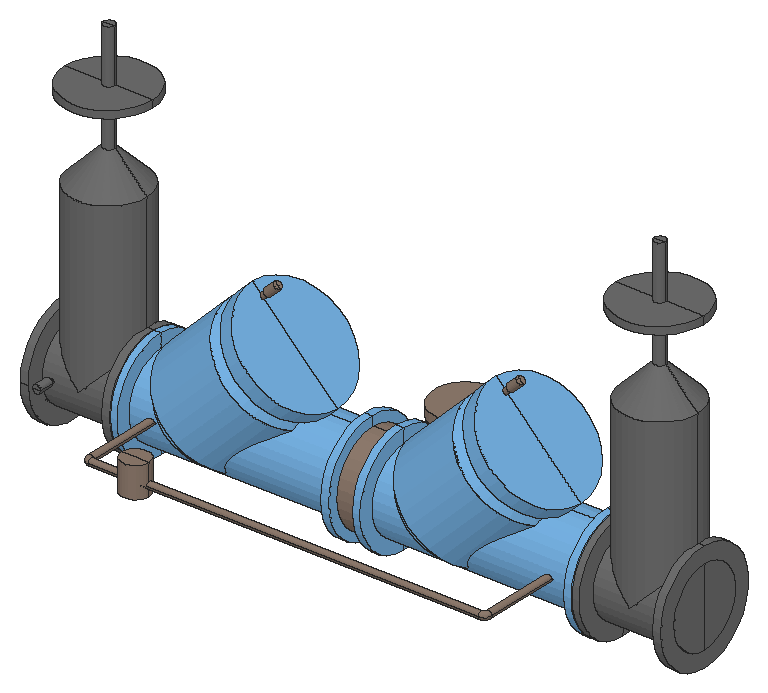
Revit family "Reduced_Pressure_Detector_Assemblies-Backflow_Prevention-WATTS-250-1000_909RPDA-OSY_Series", category Pipe Accessories, Revit 2015
Parameters (values of type "10" 909RPDA-OSY-M1")
  URL = "http://www.watts.com"
  TC_Nipple_Rad = 0.420"
  TC_Nipple_Length = 1.000"
  TC_Dist = 16.000"
  TC_Body_Rad = 0.580"
  TC_Body_Length = 2.060"
  TC_1_Dist = 2.500"
  TC1_CL_Dist = 5.000"
  Region = "North America"  # constant formula
  RV_WP = Check_OAL + RV_Thk / 2  # 33.750"
  RV_Thk = 3.500"
  RV_Main_Body_Rad = 1.750"
  RV_Drain_High_Dist = 1.630"
  RV_Drain_Hieght_Low = 5.800"
  RV_Drain_Hieght_High = 8.000"
  RV_Drain_Low_Dist = 3.870"
  RV_Donut_Rad = 6.625"
  RV_Dist = 15.250"
  RV_Cover_Thk = 1.460"
  RV_Cover_Rad = 4.935"
  RV_Connect_Start = 1.310"
  RV_Connect_Hieght = 2.500"
  RV_Connect_End = -1.310"
  RV_CL_Top = 3.560"
  RV_CL_Btm = 8.000"
  RV_Body_Cover_Rad = 4.140"
  RV_Body_Cover_Ang = 30.00°
  Product data url = "https://bimobject.com/watts/product/893"
  Product Page URL = "http://www.watts.com/pages/_products_details.asp?pid=893"
  Product Documentation Link = "http://media.wattswater.com/ES-909RPDA.pdf"
  Ordering Code = "CFM Meter : 0385629 / GPM Meter : 0385630"
  Model = "909RPDA-OSY-M1"
  Max. Working Pressure = " 175psi (12.1 bar)"  # constant formula
  Material = "Cast Iron-WATTS-Epoxy Coated"  # constant formula
  Manufacturer Product Line = "Backflow Prevention"  # constant formula
  Manufacturer = "WATTS"
  Installation Instructions = "http://www.watts.com/pdf/1915172.pdf"
  Height = 45.750"
  GV_Stem_Rad = 0.840"
  GV_Stem_Length = 8.000"
  GV_Stem_Dist = GV_OAL / 2  # 6.5315"
  GV_OSY_Stem_Hieght = 11.300"
  GV_OAL = 13.063"
  GV_Outlet_Flange_Ext_Dist = -1.180"
  GV_Handle_Thk = 1.060"
  GV_Handle_Rad = 8.030"
  GV_Handle_Hieght = 38.000"
  GV_Flow_Rad = 5.600"
  GV_Flange_Thk = 1.180"
  GV_Flange_Rad = 8.000"
  GV_Bonnet_Hieght = 25.000"
  Flow Rate = "7.5 fps / 2.3 mps"
  Description = "Series 909RPDA Reduced Pressure Detector Assemblies prevent the reverse flow of fire protection system substances from being pumped or siphoned into the potable water supply. The 909RPDA incorporates a meter to detect ground leaks and unauthorized illegal taps, greatly reducing annual water expenses. It consists of an epoxy-coated cast iron body with stainless steel trim, bronze gate valves, a pressure-differential relief valve, shutoff valves, and bronze ball-type test cocks. Series 909RPDA provides maximum flow at low pressure drop utilizing the air-in/water-out design principle for protection during emergency combined backsiphonage and backpressure conditions. Maximum Working Pressure: 175psi (12.06 bar)."  # constant formula
  Country = "United States"  # constant formula
  Connector Description 2 = "10\" Outlet Connection"
  Connector Description 1 = "10\" Inlet Connection"
  Connection_Rad = 5"
  Connection Type = "10\" Flange"
  Connection Size = Connection_Rad * 2  # 10.000"
  Chk_Main_Rad = 8.750"
  Chk_Main_OAL = 18.800"
  Chk_Inlet_Rad = 7.180"
  Chk_Flow_Rad = 5.940"
  Chk_Flange_Thk = 1.120"
  Chk_Flange_Rad = 8.000"
  Chk_Fillet_Rad = 0.380"
  Chk_Cover_Rad = 8.750"
  Chk_Cover_Thk = 2.310"
  Chk_CL_Base = 2.060"
  Chk_Body_Cover_Rad = 7.190"
  Chk_Body_Cover_Dist = 0.520"
  Chk_Angle_Dist = 7.440"
  Chk_Angle = 45.00°
  Check_OAL = 32.000"
  BP_WM_Top = 2.920"
  BP_WM_Rad = 2.000"
  BP_WM_Dist = BP_InFlg_Start + 7.000"  # 11.300"
  BP_WM_Btm = 1.520"
  BP_Sweep_Rad = 0.560"
  BP_Rad = 0.500"
  BP_Length = 58.130"
  BP_InFlg_Start = 4.300"
  BP_CL_Bypass = 17.430"
Types (7): name | TC_Nipple_Length | TC_Dist | TC_1_Dist | TC1_CL_Dist | RV_WP | RV_Thk | RV_Main_Body_Rad | RV_Drain_High_Dist | RV_Drain_Hieght_Low | RV_Drain_Hieght_High | RV_Drain_Low_Dist | RV_Donut_Rad | RV_Dist | RV_Cover_Thk | RV_Cover_Rad | RV_Connect_Start | RV_Connect_Hieght | RV_Connect_End | RV_CL_Top | RV_CL_Btm | RV_Body_Cover_Rad | Ordering Code | Model | Height | GV_Stem_Rad | GV_Stem_Length | GV_Stem_Dist | GV_OSY_Stem_Hieght | GV_OAL | GV_Outlet_Flange_Ext_Dist | GV_Handle_Thk | GV_Handle_Rad | GV_Handle_Hieght | GV_Flow_Rad | GV_Flange_Thk | GV_Flange_Rad | GV_Bonnet_Hieght | Connector Description 2 | Connector Description 1 | Connection_Rad | Connection Type | Connection Size | Chk_Main_Rad | Chk_Main_OAL | Chk_Inlet_Rad | Chk_Flow_Rad | Chk_Flange_Thk | Chk_Flange_Rad | Chk_Cover_Rad | Chk_Cover_Thk | Chk_CL_Base | Chk_Body_Cover_Rad | Chk_Body_Cover_Dist | Chk_Angle_Dist | Check_OAL | BP_WM_Rad | BP_WM_Dist | BP_Sweep_Rad | BP_Rad | BP_Length | BP_InFlg_Start | BP_CL_Bypass
  (no name) | 1.140" | 7.250" | 1.500" | 1.060" | 13.0625" | 2.125" | 1.260" | 1.070" | 3.660" | 6.000" | 2.320" | 2.630" | 5.310" | 1.120" | 3.500" | 0.890" | 1.400" | -0.890" | 4.370" | 3.900" | 2.690" | "CFM Meter : 0387453 / GPM Meter : 0387454" | "909RPDA-OSY" | 16.375" | 0.440" | 7.000" | 4.000" | 2.820" | 8.000" | -0.570" | 0.750" | 3.125" | 13.750" | 1.600" | 0.570" | 3.500" | 8.000" | "2-1/2\" Outlet Connection" | "2-1/2\" Inlet Connection" | 1 1/4" | "2-1/2\" Flange" | 2.500" | 3.110" | 6.900" | 2.540" | 1.980" | 0.750" | 3.750" | 3.000" | 1.530" | 1.080" | 2.625" | 0.410" | 3.750" | 12.000" | 1.975" | 9.180" | 0.620" | 0.525" | 21.330" | 2.180" | 12.930"
  2-1/2" 909RPDA-OSY | 1.140" | 7.250" | 1.500" | 1.060" | 13.0625" | 2.125" | 1.260" | 1.070" | 3.660" | 6.000" | 2.320" | 2.630" | 5.310" | 1.120" | 3.500" | 0.890" | 1.400" | -0.890" | 4.370" | 3.900" | 2.690" | "CFM Meter : 0387453 / GPM Meter : 0387454" | "909RPDA-OSY" | 16.375" | 0.440" | 7.000" | 4.000" | 2.820" | 8.000" | -0.570" | 0.750" | 3.125" | 13.750" | 1.600" | 0.570" | 3.500" | 8.000" | "2-1/2\" Outlet Connection" | "2-1/2\" Inlet Connection" | 1 1/4" | "2-1/2\" Flange" | 2.500" | 3.110" | 6.900" | 2.540" | 1.980" | 0.750" | 3.750" | 3.000" | 1.530" | 1.080" | 2.625" | 0.410" | 3.750" | 12.000" | 1.975" | 9.180" | 0.620" | 0.525" | 21.330" | 2.180" | 12.930"
  3" 909RPDA-OSY | 1.140" | 7.000" | 1.500" | 1.060" | 13.0625" | 2.125" | 1.260" | 1.070" | 3.660" | 6.000" | 2.320" | 2.630" | 5.310" | 1.120" | 3.500" | 0.890" | 1.400" | -0.890" | 4.370" | 3.900" | 2.690" | "CFM Meter : 0387456 / GPM Meter : 0387480" | "909RPDA-OSY" | 18.875" | 0.550" | 7.000" | 4.000" | 3.200" | 8.000" | -0.550" | 0.750" | 3.940" | 15.500" | 1.850" | 0.550" | 3.740" | 10.000" | "3\" Outlet Connection" | "3\" Inlet Connection" | 1 1/2" | "3\" Flange" | 3.000" | 3.110" | 6.900" | 2.540" | 1.980" | 0.750" | 3.750" | 3.000" | 1.530" | 1.080" | 2.625" | 0.410" | 3.750" | 12.000" | 2.000" | 9.180" | 0.560" | 0.500" | 21.330" | 2.180" | 12.930"
  4" 909RPDA-OSY | 1.000" | 9.280" | 2.000" | 1.060" | 18.500" | 3.000" | 1.750" | 1.630" | 5.800" | 8.000" | 3.870" | 3.375" | 8.620" | 1.460" | 4.935" | 1.310" | 2.500" | -1.310" | 5.550" | 6.010" | 4.140" | "CFM Meter : 0387461 / GPM Meter : 0387486" | "909RPDA-OSY" | 22.750" | 0.550" | 8.000" | 4.5315" | 4.750" | 9.063" | -0.940" | 0.870" | 4.940" | 18.000" | 2.560" | 0.940" | 4.500" | 11.000" | "4\" Outlet Connection" | "4\" Inlet Connection" | 2" | "4\" Flange" | 4.000" | 3.750" | 9.260" | 3.130" | 2.630" | 0.940" | 4.500" | 4.340" | 1.530" | 1.560" | 3.260" | 0.620" | 4.500" | 17.000" | 2.000" | 9.810" | 0.560" | 0.500" | 31.260" | 2.810" | 13.430"
  6" 909RPDA-OSY | 1.000" | 10.500" | 2.000" | 3.000" | 22.500" | 3.500" | 1.750" | 1.630" | 5.800" | 8.000" | 3.870" | 4.500" | 8.620" | 1.460" | 4.935" | 1.310" | 2.500" | -1.310" | 5.550" | 6.010" | 4.140" | "CFM Meter : 0387466 / GPM Meter : 0387491" | "909RPDA-OSY" | 30.125" | 0.625" | 8.000" | 5.250" | 6.750" | 10.500" | -1.000" | 0.870" | 5.940" | 23.380" | 3.580" | 1.000" | 5.500" | 14.000" | "6\" Outlet Connection" | "6\" Inlet Connection" | 3" | "6\" Flange" | 6.000" | 5.250" | 10.860" | 4.440" | 3.750" | 1.000" | 5.500" | 5.880" | 1.740" | 0.760" | 4.625" | 0.620" | 5.500" | 20.750" | 2.000" | 10.010" | 0.560" | 0.500" | 38.360" | 3.010" | 14.430"
  8" 909RPDA-OSY-M1 | 1.000" | 14.000" | 2.500" | 4.000" | 27.625" | 3.250" | 1.750" | 1.630" | 5.800" | 8.000" | 3.870" | 5.440" | 13.500" | 1.460" | 4.935" | 1.310" | 2.500" | -1.310" | 3.560" | 8.000" | 4.140" | "CFM Meter : 0385610 / GPM Meter : 0385612" | "909RPDA-OSY-M1" | 37.750" | 0.660" | 8.000" | 5.8125" | 8.500" | 11.625" | -1.180" | 1.060" | 6.790" | 30.500" | 4.530" | 1.180" | 6.750" | 20.000" | "8\" Outlet Connection" | "8\" Inlet Connection" | 4" | "8\" Flange" | 8.000" | 6.625" | 15.560" | 5.940" | 4.810" | 1.100" | 6.750" | 7.310" | 2.180" | 1.265" | 6.125" | 0.680" | 6.380" | 26.000" | 2.000" | 11.180" | 0.560" | 0.500" | 46.500" | 4.180" | 15.930"
  10" 909RPDA-OSY-M1 | 1.000" | 16.000" | 2.500" | 5.000" | 33.750" | 3.500" | 1.750" | 1.630" | 5.800" | 8.000" | 3.870" | 6.625" | 15.250" | 1.460" | 4.935" | 1.310" | 2.500" | -1.310" | 3.560" | 8.000" | 4.140" | "CFM Meter : 0385629 / GPM Meter : 0385630" | "909RPDA-OSY-M1" | 45.750" | 0.840" | 8.000" | 6.5315" | 11.300" | 13.063" | -1.180" | 1.060" | 8.030" | 38.000" | 5.600" | 1.180" | 8.000" | 25.000" | "10\" Outlet Connection" | "10\" Inlet Connection" | 5" | "10\" Flange" | 10.000" | 8.750" | 18.800" | 7.180" | 5.940" | 1.120" | 8.000" | 8.750" | 2.310" | 2.060" | 7.190" | 0.520" | 7.440" | 32.000" | 2.000" | 11.300" | 0.560" | 0.500" | 58.130" | 4.300" | 17.430"
Reference planes (in)
  plane 1 "Center (Front/Back)": y = 0
  plane 2: z = 0
  plane 3 "Center (Left/Right)": x = 0
  plane 4 "1st_Check_In_Flange": x = 13.063
  plane 5 "1st_Check_Out_Flange": x = 45.063
  plane 6 "2nd_Check_In_Flange": x = 48.563
  plane 7 "2nd_Check_Out_Flange": x = 80.563
  plane 8: y = 15.25
  plane 9 "RV_WP": x = 46.813
  plane 10 "RV_Drain_WP": z = -8
  plane 11 "Out_Gate_WP": x = 93.626
  plane 12 "GV_Handle_Hieght": z = 38
  plane 13 "BP_WP": y = -17.43
  plane 14: x = 17.363
  plane 15: x = 75.493
  plane 16: z = 45.75
  plane 17: x = 0
  plane 18: x = 10.53125
  plane 19: x = 21.0625
  plane 20: x = 31.59375
  plane 21: x = 42.125
  plane 22: y = 1.93187
  plane 23: y = -1.93187
Forms (in)
  Revolve 1, solid, material "Cast Iron-WATTS-Epoxy Coated-Blue"
    sketch origin (0, 0, 0) x (1, 0, 0) y (0, 0, 1)
      loop
        line (13.063, -8) -> (14.183, -8) -> (14.183, -5.94) -> (43.943, -5.94) -> (43.943, -8) -> (45.063, -8) -> (45.063, 0) -> (13.063, 0) -> (13.063, -8)
      axis (13.063, 0) -> (45.063, 0)
    angle from 0 to 360
  Revolve 2, solid, material "Cast Iron-WATTS-Epoxy Coated-Blue"
    sketch origin (0, 0, 0) x (1, 0, 0) y (0, 0, 1)
      loop
        line (20.503, 0) -> (33.79661, 13.29361) -> (27.60942, 19.48079) -> (25.97601, 17.84738) -> (27.07909, 16.74429) -> (26.7114, 16.37659) -> (24.50522, 16.37659) -> (15.77246, 7.64382) -> (16.88261, 6.53367) -> (15.42597, 5.07703) -> (20.503, 0)
      axis (33.79661, 13.29361) -> (20.503, 0)
    angle from 0 to 360
  Revolve 3, solid, material "Cast Iron-WATTS-Epoxy Coated-Blue"
    sketch origin (0, 0, 0) x (1, 0, 0) y (0, 0, 1)
      loop
        line (48.563, 0) -> (48.563, -8) -> (49.683, -8) -> (49.683, -5.94) -> (79.443, -5.94) -> (79.443, -8) -> (80.563, -8) -> (80.563, 0) -> (48.563, 0)
      axis (48.563, 0) -> (80.563, 0)
    angle from 0 to 360
  Revolve 4, solid, material "Cast Iron-WATTS-Epoxy Coated-Blue"
    sketch origin (0, 0, 0) x (1, 0, 0) y (0, 0, 1)
      loop
        line (56.003, 0) -> (69.29661, 13.29361) -> (63.10942, 19.48079) -> (61.47601, 17.84738) -> (62.57909, 16.74429) -> (62.2114, 16.37659) -> (60.00522, 16.37659) -> (51.27246, 7.64382) -> (52.38261, 6.53367) -> (50.92597, 5.07703) -> (56.003, 0)
      axis (69.29661, 13.29361) -> (56.003, 0)
    angle from 0 to 360
  Revolve 5, solid, material "Metal-WATTS-Bronze"
    sketch origin (0, 0, 0) x (1, 0, 0) y (0, 0, 1)
      loop
        line (29.063, 18.02721) -> (31.22675, 20.19096) -> (30.81662, 20.60108) -> (29.35998, 19.14444) -> (29.47312, 19.03131) -> (28.76602, 18.3242) -> (29.063, 18.02721)
      axis (31.22675, 20.19096) -> (29.063, 18.02721)
    angle from 0 to 360
  Revolve 6, solid, material "Metal-WATTS-Bronze"
    sketch origin (0, 0, 0) x (1, 0, 0) y (0, 0, 1)
      loop
        line (64.563, 18.02721) -> (66.72675, 20.19096) -> (66.31662, 20.60108) -> (64.85998, 19.14444) -> (64.97312, 19.03131) -> (64.26602, 18.3242) -> (64.563, 18.02721)
      axis (66.72675, 20.19096) -> (64.563, 18.02721)
    angle from 0 to 360
  Revolve 7, solid, material "Metal-WATTS-Bronze"
    sketch origin (0, 0, 0) x (1, 0, 0) y (0, 0, 1)
      loop
        line (45.063, 0) -> (48.563, 0) -> (48.563, 6.625) -> (45.063, 6.625) -> (45.063, 0)
      axis (45.063, 0) -> (48.563, 0)
    angle from 0 to 360
  Revolve 8, solid, material "Metal-WATTS-Bronze"
    sketch origin (46.813, 0, 0) x (0, 0, 1) y (0, -1, 0)
      loop
        line (3.56, -15.25) -> (-8, -15.25) -> (-8, -17) -> (0.72013, -17) -> (2.1, -19.39) -> (2.1, -20.185) -> (3.56, -20.185) -> (3.56, -15.25)
      axis (3.56, -15.25) -> (-8, -15.25)
    angle from 0 to 360
  Extrusion 9, solid, material "Metal-WATTS-Bronze"
    sketch origin (46.813, 0, 0) x (0, 0, 1) y (0, -1, 0)
      loop
        line (0.72013, -15.25) -> (0.72013, 0) -> (-1.77987, 0) -> (-1.77987, -15.25) -> (0.72013, -15.25)
      loop
        line (-6.625, 0) -> (-6.625, -15.25) -> (-4.125, -15.25) -> (-4.125, 0) -> (-6.625, 0)
    from 1.31 <- "RV_Connect_Start" to -1.31 <- "RV_Connect_End"
  Extrusion 10, solid, material "Metal-WATTS-Bronze"
    sketch origin (0, 0, -8) x (-1, 0, 0) y (0, -1, 0)
      loop
        line (-48.563, -15.25) -> (-48.563, -19.12)
        arc (-48.563, -19.12) -> (-46.813, -20.87) -> (-45.063, -19.12) r 1.75
        line (-45.063, -19.12) -> (-45.063, -15.25)
        arc (-45.063, -15.25) -> (-46.813, -13.5) -> (-48.563, -15.25) r 1.75
    from 0 to 5.8 <- "RV_Drain_Hieght_Low"
  Extrusion 11, solid, material "Metal-WATTS-Bronze"
    sketch origin (0, 0, -8) x (-1, 0, 0) y (0, -1, 0)
      loop
        line (-48.563, -15.25) -> (-48.563, -16.88)
        arc (-48.563, -16.88) -> (-46.813, -18.63) -> (-45.063, -16.88) r 1.75
        line (-45.063, -16.88) -> (-45.063, -15.25)
        arc (-45.063, -15.25) -> (-46.813, -13.5) -> (-48.563, -15.25) r 1.75
    from 0 to 8 <- "RV_Drain_Hieght_High"
  Revolve 12, solid, material "Cast Iron-WATTS-Epoxy Coated-Black"
    sketch origin (0, 0, 0) x (1, 0, 0) y (0, 0, 1)
      loop
        line (13.063, 8) -> (11.883, 8) -> (11.883, 5.6) -> (0, 5.6) -> (0, 0) -> (13.063, 0) -> (13.063, 8)
      loop
        line (80.563, 8) -> (80.563, 0) -> (93.626, 0) -> (93.626, 5.6) -> (81.743, 5.6) -> (81.743, 8) -> (80.563, 8)
      axis (0, 0) -> (93.626, 0)
    angle from 0 to 360
  Extrusion 13, solid, material "Cast Iron-WATTS-Epoxy Coated-Black"
    sketch origin (0, 0, 0) x (0, 1, 0) y (0, 0, 1)
      loop
        circle (0, 0) r 8
    from 0 to 1.18 <- "GV_Flange_Thk"
  Extrusion 14, solid, material "Cast Iron-WATTS-Epoxy Coated-Black"
    sketch origin (93.626, 0, 0) x (0, 0, 1) y (0, -1, 0)
      loop
        circle (0, 0) r 8
    from 0 to -1.18 <- "GV_Outlet_Flange_Ext_Dist"
  Revolve 15, solid, material "Cast Iron-WATTS-Epoxy Coated-Black"
    sketch origin (0, 0, 0) x (1, 0, 0) y (0, 0, 1)
      loop
        line (5.6915, 38) -> (0.125, 38) -> (0.125, 36.94) -> (5.6915, 36.94) -> (5.6915, 29.76) -> (0.9315, 25) -> (0.9315, 0) -> (6.5315, 0) -> (6.5315, 45.75) -> (5.6915, 45.75) -> (5.6915, 38)
      axis (6.5315, 45.75) -> (6.5315, 0)
    angle from 0 to 360
  Revolve 16, solid, material "Cast Iron-WATTS-Epoxy Coated-Black"
    sketch origin (0, 0, 0) x (1, 0, 0) y (0, 0, 1)
      loop
        line (86.2545, 38) -> (80.688, 38) -> (80.688, 36.94) -> (86.2545, 36.94) -> (86.2545, 29.76) -> (81.4945, 25) -> (81.4945, 0) -> (87.0945, 0) -> (87.0945, 45.75) -> (86.2545, 45.75) -> (86.2545, 38)
      axis (87.0945, 45.75) -> (87.0945, 0)
    angle from 0 to 360
  Revolve 17, solid, material "Cast Iron-WATTS-Epoxy Coated-Black"
    sketch origin (0, 0, 0) x (1, 0, 0) y (0, 1, 0)
      loop
        line (2.5, -5) -> (2.08, -5) -> (2.08, -6) -> (1.92, -6) -> (1.92, -8.06) -> (2.5, -8.06) -> (2.5, -5)
      axis (2.5, -5) -> (2.5, -8.06)
    angle from 0 to 360
  Sweep 18, solid, material "Metal-WATTS-Bronze"
    path origin (0, 0, 0) x (1, 0, 0) y (0, 1, 0)
      loop
        line (17.363, 0) -> (17.363, -16.87)
        arc (17.363, -16.87) -> (17.52702, -17.26598) -> (17.923, -17.43) r 0.56
        line (17.923, -17.43) -> (74.933, -17.43)
        arc (74.933, -17.43) -> (75.32898, -17.26598) -> (75.493, -16.87) r 0.56
        line (75.493, -16.87) -> (75.493, 0)
    profile origin (17.363, 0, 0) x (1, 0, 0) y (0, 0, 1)
      loop
        circle (0, 0) r 0.5
  Revolve 19, solid, material "Metal-WATTS-Bronze"
    sketch origin (0, -17.43, 0) x (-1, 0, 0) y (0, 0, 1)
      loop
        line (-24.363, -1.52) -> (-22.363, -1.52) -> (-22.363, 2.92) -> (-24.363, 2.92) -> (-24.363, -1.52)
      axis (-24.363, 2.92) -> (-24.363, -1.52)
    angle from 0 to 360
Lines and regions (in)
  Masking region 1, detail levels fine
    outline origin (0, 0, 0) x (1, 0, 0) y (0, 1, 0)
      loop
        line (0, 8) -> (0, -8) -> (1.18, -8) -> (1.18, -5.6) -> (11.883, -5.6) -> (11.883, -8) -> (14.183, -8) -> (14.183, -5.94) -> (16.838, -5.94) -> (16.838, -16.83)
        arc (16.838, -16.83) -> (17.1675, -17.6255) -> (17.963, -17.955) r 1.125
        line (17.963, -17.955) -> (22.43314, -17.955)
        arc (22.43314, -17.955) -> (24.363, -19.43) -> (26.29286, -17.955) r 2
        line (26.29286, -17.955) -> (74.893, -17.955)
        arc (74.893, -17.955) -> (75.6885, -17.6255) -> (76.018, -16.83) r 1.125
        line (76.018, -16.83) -> (76.018, -5.94) -> (79.443, -5.94) -> (79.443, -8) -> (81.743, -8) -> (81.743, -5.6) -> (92.446, -5.6) -> (92.446, -8) -> (93.626, -8) -> (93.626, 8) -> (92.446, 8) -> (92.446, 5.6) -> (81.743, 5.6) -> (81.743, 8) -> (79.443, 8) -> (79.443, 5.94) -> (49.683, 5.94) -> (49.683, 15.25) -> (43.943, 15.25) -> (43.943, 5.94) -> (14.183, 5.94) -> (14.183, 8) -> (11.883, 8) -> (11.883, 5.6) -> (1.18, 5.6) -> (1.18, 8) -> (0, 8)
      loop
        line (43.943, -5.94) -> (17.888, -5.94) -> (17.888, -16.905) -> (22.43314, -16.905)
        arc (22.43314, -16.905) -> (24.363, -15.43) -> (26.29286, -16.905) r 2
        line (26.29286, -16.905) -> (74.968, -16.905) -> (74.968, -5.94) -> (49.683, -5.94) -> (49.683, -8) -> (48.563, -8) -> (48.563, -6.625) -> (45.063, -6.625) -> (45.063, -8) -> (43.943, -8) -> (43.943, -5.94)
  Masking region 2, detail levels fine
    outline origin (0, 0, 0) x (1, 0, 0) y (0, 1, 0)
      loop
        circle (6.5315, 0) r 6.4065
      loop
        circle (87.0945, 0) r 6.4065
      loop
        circle (46.813, 15.25) r 4.935
  symbolic lines, detail levels fine
    curve 1: line (14.183, -5.94, 0) -> (14.183, 5.94, 0)
    curve 2: line (79.443, -5.94, 0) -> (79.443, 5.94, 0)
    curve 3: line (49.683, -5.94, 0) -> (49.683, 8, 0)
    curve 4: line (43.943, -5.94, 0) -> (43.943, 8, 0)
    curve 5: line (45.063, -6.625, 0) -> (45.063, 8, 0)
    curve 6: line (48.563, -6.625, 0) -> (48.563, 8, 0)
    curve 7: line (43.943, 8, 0) -> (45.063, 8, 0)
    curve 8: line (49.683, 8, 0) -> (48.563, 8, 0)
    curve 9: line (48.563, 6.625, 0) -> (45.063, 6.625, 0)
  model lines, detail levels coarse+medium
    curve 10: line (0, 1.93187, 0) -> (0, -1.93187, 0)
    curve 11: line (10.53125, 1.93187, 0) -> (10.53125, -1.93187, 0)
    curve 12: line (10.53125, 1.93187, 0) -> (21.0625, -1.93187, 0)
    curve 13: line (21.0625, -1.93187, 0) -> (21.0625, 1.93187, 0)
    curve 14: line (10.53125, 1.93187, 0) -> (0, -1.93187, 0)
    curve 15: line (0, 1.93187, 0) -> (10.53125, -1.93187, 0)
    curve 16: line (5.26563, 0, 0) -> (5.26563, 1.93187, 0)
    curve 17: line (5.26563, 1.93187, 0) -> (5.921, 1.93187, 0)
    curve 18: line (31.59375, 1.93187, 0) -> (31.59375, -1.93187, 0)
    curve 19: line (42.125, 1.93187, 0) -> (42.125, -1.93187, 0)
    curve 20: line (42.125, 1.93187, 0) -> (31.59375, -1.93187, 0)
    curve 21: line (31.59375, 1.93187, 0) -> (42.125, -1.93187, 0)
    curve 22: line (36.85938, 0, 0) -> (36.85938, 1.93187, 0)
    curve 23: line (36.20186, 1.93187, 0) -> (36.85938, 1.93187, 0)
    curve 24: line (21.0625, 1.93187, 0) -> (31.59375, -1.93187, 0)
Dimensions and locks (in)
  "GV_OAL": plane 4 "1st_Check_In_Flange" to plane 3 "Center (Left/Right)"
  "Check_OAL": plane 5 "1st_Check_Out_Flange" to plane 4 "1st_Check_In_Flange"
  "Chk_Flange_Rad": level to Revolve 1 sketch curve
  "Chk_Flange_Thk": Revolve 1 sketch curve to Revolve 1 sketch curve  (x2)
  "Chk_Flow_Rad": level to Revolve 1 sketch curve
  "Chk_Cover_Thk": Revolve 2 sketch curve to Revolve 2 sketch curve
  "Chk_Body_Cover_Rad": Revolve 2 sketch curve to Revolve 2 sketch curve
  "Chk_Cover_Rad": Revolve 2 sketch curve to Revolve 2 sketch curve
  "Chk_Inlet_Rad": Revolve 2 sketch curve to Revolve 2 sketch curve
  "Chk_Main_Rad": Revolve 2 sketch curve to Revolve 2 sketch curve
  "Chk_Body_Cover_Dist": Revolve 2 sketch curve to Revolve 2 sketch curve
  "Chk_CL_Base": Revolve 2 sketch curve to Revolve 2 sketch curve
  "Chk_Main_OAL": Revolve 2 sketch curve to Revolve 2 sketch curve
  "Chk_Angle_Dist": Revolve 2 sketch curve to plane 4 "1st_Check_In_Flange"
  "RV_Thk": plane 6 "2nd_Check_In_Flange" to plane 5 "1st_Check_Out_Flange"
  "Check_OAL": plane 7 "2nd_Check_Out_Flange" to plane 6 "2nd_Check_In_Flange"
  "Chk_Flange_Rad": level to Revolve 3 sketch curve
  "Chk_Flow_Rad": Revolve 3 sketch curve to Revolve 3 sketch curve
  "Chk_Flange_Thk": Revolve 3 sketch curve to Revolve 3 sketch curve  (x2)
  "Chk_Angle_Dist": Revolve 4 sketch curve to Revolve 3
  "Chk_Inlet_Rad": Revolve 4 sketch curve to Revolve 4 sketch curve
  "Chk_Main_Rad": Revolve 4 sketch curve to Revolve 4 sketch curve
  "Chk_Body_Cover_Rad": Revolve 4 sketch curve to Revolve 4 sketch curve
  "Chk_Cover_Rad": Revolve 4 sketch curve to Revolve 4 sketch curve
  "Chk_Main_OAL": Revolve 4 sketch curve to Revolve 4 sketch curve
  "Chk_Cover_Thk": Revolve 4 sketch curve to Revolve 4 sketch curve
  "Chk_Body_Cover_Dist": Revolve 4 sketch curve to Revolve 4 sketch curve
  "Chk_CL_Base": Revolve 4 sketch curve to Revolve 4 sketch curve
  "TC_Body_Rad": Revolve 5 sketch curve to Revolve 5 sketch curve
  "TC_Nipple_Rad": Revolve 5 sketch curve to Revolve 5 sketch curve
  "TC_Body_Length": Revolve 5 sketch curve to Revolve 5 sketch curve
  "TC_Nipple_Length": Revolve 2 to Revolve 5 sketch curve
  "TC_Body_Rad": Revolve 6 sketch curve to Revolve 6 sketch curve
  "TC_Nipple_Rad": Revolve 6 sketch curve to Revolve 6 sketch curve
  "TC_Nipple_Length": Revolve 4 to Revolve 6 sketch curve
  "TC_Body_Length": Revolve 6 sketch curve to Revolve 6 sketch curve
  "RV_Donut_Rad": Revolve 7 sketch curve to level
  "RV_Dist": plane 8 to plane 1 "Center (Front/Back)"
  "RV_Cover_Rad": Revolve 8 sketch curve to plane 8
  "RV_Body_Cover_Rad": Revolve 8 sketch curve to Revolve 8 sketch curve
  "RV_Main_Body_Rad": Revolve 8 sketch curve to Revolve 8 sketch curve
  "RV_CL_Top": Revolve 8 sketch curve to level
  "RV_Cover_Thk": Revolve 8 sketch curve to Revolve 8 sketch curve
  "RV_CL_Btm": level to Revolve 8 sketch curve
  "RV_WP": plane 9 "RV_WP" to plane 4 "1st_Check_In_Flange"
  "RV_Connect_Hieght": Extrusion 9 sketch curve to Extrusion 9 sketch curve  (x2)
  "RV_CL_Btm": level to plane 10 "RV_Drain_WP"
  "RV_Drain_Low_Dist": Extrusion 10 sketch curve to Extrusion 10 sketch curve
  "RV_Drain_High_Dist": Extrusion 11 sketch curve to Extrusion 11 sketch curve
  "GV_OAL": plane 11 "Out_Gate_WP" to plane 7 "2nd_Check_Out_Flange"
  "GV_Flow_Rad": Revolve 12 sketch curve to level
  "GV_Flange_Rad": Revolve 12 sketch curve to level
  "GV_Flange_Thk": Revolve 1 to Revolve 12 sketch curve
  "GV_Flange_Thk": Revolve 3 to Revolve 12 sketch curve
  "GV_Handle_Hieght": plane 12 "GV_Handle_Hieght" to level
  "GV_Bonnet_Hieght": Revolve 15 sketch curve to level
  "GV_Bonnet_Hieght": Revolve 16 sketch curve to level
  "TC_1_Dist": plane 3 "Center (Left/Right)" to Revolve 17 sketch curve
  "TC_Body_Rad": Revolve 17 sketch curve to Revolve 17 sketch curve
  "TC_Nipple_Rad": Revolve 17 sketch curve to Revolve 17 sketch curve
  "TC_Nipple_Length": Revolve 17 sketch curve to Revolve 17 sketch curve
  "TC_Body_Length": Revolve 17 sketch curve to Revolve 17 sketch curve
  "GV_Handle_Thk": Revolve 15 sketch curve to Revolve 15 sketch curve
  "GV_Stem_Rad": Revolve 16 sketch curve to Revolve 16 sketch curve  (x2)
  "GV_Handle_Thk": Revolve 16 sketch curve to Revolve 16 sketch curve
  "TC_Dist": Revolve 5 sketch curve to plane 4 "1st_Check_In_Flange"
  "TC_Dist": Revolve 6 sketch curve to plane 6 "2nd_Check_In_Flange"
  "GV_Stem_Rad": Revolve 15 sketch curve to Revolve 15 sketch curve
  "GV_Stem_Dist": Extrusion 13 to Revolve 15 sketch curve
  "GV_Stem_Dist": Revolve 12 to Revolve 16 sketch curve
  "GV_Flow_Rad": Revolve 16 sketch curve to Revolve 16 sketch curve
  "GV_Flow_Rad": Revolve 15 sketch curve to Revolve 15 sketch curve
  "TC1_CL_Dist": Revolve 17 sketch curve to plane 1 "Center (Front/Back)"
  "BP_WM_Dist": Revolve 19 sketch curve to plane 4 "1st_Check_In_Flange"
  "BP_WM_Rad": Revolve 19 sketch curve to Revolve 19 sketch curve
  "BP_WM_Top": Revolve 19 sketch curve to level
  "BP_WM_Btm": level to Revolve 19 sketch curve
  "BP_CL_Bypass": plane 13 "BP_WP" to plane 1 "Center (Front/Back)"
  "BP_InFlg_Start": plane 4 "1st_Check_In_Flange" to Sweep 18 sketch curve
  "BP_Length": Sweep 18 sketch curve to Sweep 18 sketch curve
  plane 11 "Out_Gate_WP" to plane 3 "Center (Left/Right)" = 93.626"
  "GV_Flange_Rad": plane 1 "Center (Front/Back)" to Masking region 1 sketch curve
  "GV_Flange_Rad": Masking region 1 sketch curve to plane 1 "Center (Front/Back)"
  "GV_Flow_Rad": plane 1 "Center (Front/Back)" to Masking region 1 sketch curve
  "GV_Flow_Rad": Masking region 1 sketch curve to plane 1 "Center (Front/Back)"
  "Chk_Flange_Rad": plane 1 "Center (Front/Back)" to Masking region 1 sketch curve
  "Chk_Flange_Rad": Masking region 1 sketch curve to plane 1 "Center (Front/Back)"
  "Chk_Flow_Rad": plane 1 "Center (Front/Back)" to Masking region 1 sketch curve
  "Chk_Flow_Rad": Masking region 1 sketch curve to plane 1 "Center (Front/Back)"
  "RV_Donut_Rad": Masking region 1 sketch curve to plane 1 "Center (Front/Back)"
  "BP_InFlg_Start": plane 4 "1st_Check_In_Flange" to plane 14
  locked: Masking region 1 sketch curve to plane 14 at 0.525
  locked: plane 14 to Masking region 1 sketch curve at 0.525
  locked: Masking region 1 sketch curve to plane 13 "BP_WP" at 0.525
  locked: plane 13 "BP_WP" to Masking region 1 sketch curve at 0.525
  "BP_Length": plane 14 to plane 15
  locked: Masking region 1 sketch curve to plane 15 at 0.525
  locked: plane 15 to Masking region 1 sketch curve at 0.525
  "RV_Donut_Rad": plane 1 "Center (Front/Back)" to curve 9
  plane 7 "2nd_Check_Out_Flange" to plane 4 "1st_Check_In_Flange" = 67.500"
  "Height": plane 16 to level
  locked: plane 17 to plane 18 at 10.53125
  locked: plane 18 to plane 19 at 10.53125
  locked: plane 19 to plane 20 at 10.53125
  locked: plane 20 to plane 21 at 10.53125
  equal spacing: plane 17, curve 16, plane 18
  equal spacing: plane 20, curve 22, plane 21
  locked: curve 17 to plane 18 at 4.61025
  locked: plane 20 to curve 23 at 4.60811
  locked: plane 23 to plane 22 at 3.86374
  locked: plane 1 "Center (Front/Back)" to plane 22 at 1.93187
  "RV_Main_Body_Rad": radius of Extrusion 10 sketch curve  (x2)
  "RV_Main_Body_Rad": radius of Extrusion 11 sketch curve  (x2)
  "GV_Flange_Rad": radius of Extrusion 13 sketch curve
  "GV_Flange_Rad": radius of Extrusion 14 sketch curve
  "BP_Sweep_Rad": radius of Sweep 18 sketch curve  (x2)
  "BP_Rad": radius of Sweep 18 sketch curve
  "Chk_Angle": angle level to Revolve 2 sketch curve
  "Chk_Angle": angle level to Revolve 4 sketch curve
  "RV_Body_Cover_Ang": angle Revolve 8 sketch curve to Revolve 8 sketch curve
  "Chk_Angle": angle Revolve 15 sketch curve to Revolve 15 sketch curve
  "Chk_Angle": angle Revolve 16 sketch curve to Revolve 16 sketch curve
  aligned and locked: Revolve 1 sketch curve to Revolve 1 sketch curve
  aligned and locked: Revolve 1 sketch curve to level  (x2)
  aligned and locked: level to Revolve 2 sketch curve
  aligned and locked: Revolve 2 sketch curve to Revolve 2 sketch curve  (x2)
  aligned and locked: Revolve 3 sketch curve to plane 6 "2nd_Check_In_Flange"
  aligned and locked: plane 7 "2nd_Check_Out_Flange" to Revolve 3 sketch curve
  aligned and locked: Revolve 3 sketch curve to level  (x2)
  aligned and locked: Revolve 3 sketch curve to Revolve 3 sketch curve
  aligned and locked: level to Revolve 4 sketch curve
  aligned and locked: Revolve 4 sketch curve to Revolve 4 sketch curve
  aligned and locked: Revolve 2 to Revolve 5 sketch curve
  aligned and locked: Revolve 5 sketch curve to Revolve 5 sketch curve
  aligned and locked: Revolve 4 to Revolve 6 sketch curve
  aligned and locked: Revolve 6 sketch curve to Revolve 6 sketch curve
  aligned and locked: Revolve 7 sketch curve to Revolve 1
  aligned and locked: Revolve 7 sketch curve to level  (x2)
  aligned and locked: plane 6 "2nd_Check_In_Flange" to Revolve 7 sketch curve
  aligned and locked: plane 8 to Revolve 8 sketch curve  (x2)
  aligned and locked: plane 8 to Extrusion 9 sketch curve
  aligned and locked: Extrusion 9 sketch curve to Revolve 8
  aligned and locked: Extrusion 9 sketch curve to Revolve 2
  aligned and locked: Extrusion 9 sketch curve to Revolve 7  (x2)
  aligned and locked: Extrusion 9 sketch curve to plane 8
  aligned and locked: plane 7 "2nd_Check_Out_Flange" to Revolve 12 sketch curve
  aligned and locked: plane 4 "1st_Check_In_Flange" to Revolve 12 sketch curve
  aligned and locked: Revolve 12 sketch curve to Revolve 12 sketch curve  (x4)
  aligned and locked: Revolve 12 sketch curve to plane 11 "Out_Gate_WP"
  aligned and locked: Revolve 12 sketch curve to plane 3 "Center (Left/Right)"
  aligned and locked: Revolve 15 sketch curve to level
  aligned and locked: plane 12 "GV_Handle_Hieght" to Revolve 15 sketch curve
  aligned and locked: Revolve 16 sketch curve to plane 12 "GV_Handle_Hieght"
  aligned and locked: level to Revolve 16 sketch curve
  aligned and locked: Revolve 17 sketch curve to Revolve 17 sketch curve
  aligned and locked: Revolve 15 sketch curve to Revolve 15 sketch curve  (x2)
  aligned and locked: Revolve 19 sketch curve to Revolve 19 sketch curve  (x2)
  aligned and locked: Sweep 18 sketch curve to plane 13 "BP_WP"
  aligned and locked: Masking region 1 sketch curve to Masking region 1 sketch curve  (x14)
  aligned and locked: Masking region 1 sketch curve to Extrusion 13  (x2)
  aligned and locked: Masking region 1 sketch curve to Revolve 12  (x2)
  aligned and locked: Revolve 12 to Masking region 1 sketch curve  (x2)
  aligned and locked: Masking region 1 sketch curve to Revolve 1  (x4)
  aligned and locked: Revolve 1 to Masking region 1 sketch curve
  aligned and locked: Masking region 1 sketch curve to Revolve 3  (x4)
  aligned and locked: Revolve 3 to Masking region 1 sketch curve
  aligned and locked: Masking region 1 sketch curve to Extrusion 14
  aligned and locked: Extrusion 14 to Masking region 1 sketch curve
  aligned and locked: plane 11 "Out_Gate_WP" to Masking region 1 sketch curve
  aligned and locked: Masking region 1 sketch curve to plane 3 "Center (Left/Right)"
  aligned and locked: Masking region 2 sketch curve to Revolve 15
  aligned and locked: Masking region 2 sketch curve to Revolve 16
  aligned and locked: Masking region 2 sketch curve to Revolve 8
  aligned and locked: Masking region 1 sketch curve to Revolve 19  (x2)
  aligned and locked: plane 8 to Masking region 1 sketch curve
  aligned and locked: curve 1 to Revolve 1
  aligned and locked: curve 2 to Revolve 3
  aligned and locked: curve 3 to Revolve 3
  aligned and locked: curve 4 to Revolve 1
  aligned and locked: Revolve 1 to curve 5
  aligned and locked: Revolve 3 to curve 6
  aligned and locked: curve 1 to Masking region 1
  aligned and locked: Masking region 1 to curve 1
  aligned and locked: Masking region 1 to curve 2
  aligned and locked: curve 2 to Masking region 1
  aligned and locked: curve 3 to Masking region 1
  aligned and locked: Masking region 1 to curve 4
  aligned and locked: Masking region 1 to curve 6
  aligned and locked: curve 5 to Masking region 1
  aligned and locked: Masking region 1 to curve 7
  aligned and locked: curve 8 to Masking region 1
  aligned and locked: Revolve 1 to Masking region 1
  aligned and locked: Masking region 1 to curve 8
  aligned and locked: plane 6 "2nd_Check_In_Flange" to Revolve 3
  aligned and locked: curve 7 to curve 5
  aligned and locked: curve 8 to curve 6
  aligned and locked: plane 6 "2nd_Check_In_Flange" to curve 9
  aligned and locked: plane 5 "1st_Check_Out_Flange" to curve 9
  aligned and locked: Revolve 1 to curve 7
  aligned and locked: Revolve 15 sketch curve to plane 16
  aligned and locked: Revolve 16 sketch curve to Revolve 16 sketch curve
  aligned and locked: plane 16 to Revolve 16 sketch curve
  aligned and locked: curve 10 to plane 17
  aligned and locked: curve 11 to plane 18
  aligned and locked: plane 19 to curve 13
  aligned and locked: curve 18 to plane 20
  aligned and locked: curve 19 to plane 21
  aligned and locked: plane 23 to curve 14
  aligned and locked: plane 23 to curve 15
  aligned and locked: plane 23 to curve 13
  aligned and locked: plane 23 to curve 24
  aligned and locked: plane 23 to curve 21
  aligned and locked: plane 22 to curve 20
  aligned and locked: plane 22 to curve 23
  aligned and locked: plane 22 to curve 21
  aligned and locked: plane 19 to curve 24
  aligned and locked: plane 22 to curve 14
  aligned and locked: plane 22 to curve 24
  aligned and locked: plane 22 to curve 17
  aligned and locked: plane 22 to curve 15
Automatic sketch dimensions
  Revolve 3 sketch curve to plane 3 "Center (Left/Right)" = 60.41868"
  plane 7 "2nd_Check_Out_Flange" to Revolve 3 sketch curve = 31.80541"
  Revolve 5 sketch curve to Revolve 5 sketch curve = 0.000"  (x2)
  Revolve 8 sketch curve to Revolve 8 sketch curve = 5.42512"
  Revolve 8 sketch curve to Revolve 8 sketch curve = 5.09967"
  Extrusion 10 sketch curve to plane 8 = 0.000"  (x2)
  Extrusion 10 sketch curve to plane 9 "RV_WP" = 0.000"
  Extrusion 11 sketch curve to plane 8 = 0.000"  (x2)
  Extrusion 11 sketch curve to plane 9 "RV_WP" = 0.000"
  Extrusion 13 sketch curve to level = 0.000"
  Extrusion 13 sketch curve to plane 1 "Center (Front/Back)" = 0.000"
  Extrusion 14 sketch curve to level = 0.000"
  Extrusion 14 sketch curve to plane 1 "Center (Front/Back)" = 0.000"
  Revolve 17 sketch curve to Revolve 17 sketch curve = 0.000"  (x2)
  Revolve 4 sketch curve to level = 0.000"
  Revolve 4 sketch curve to plane 12 "GV_Handle_Hieght" = 2.89219"
  Revolve 2 sketch curve to level = 0.000"
  Sweep 18 sketch curve to plane 1 "Center (Front/Back)" = 0.000"  (x2)
  Sweep 18 sketch curve to level = 0.000"
  Sweep 18 sketch curve to profile plane = 0.000"
  Revolve 19 sketch curve to Revolve 19 sketch curve = 0.000"
  Revolve 1 sketch curve to plane 4 "1st_Check_In_Flange" = 0.000"
  Revolve 1 sketch curve to plane 5 "1st_Check_Out_Flange" = 0.000"
  Revolve 1 sketch curve to plane 3 "Center (Left/Right)" = 60.41868"
  Revolve 1 sketch curve to plane 11 "Out_Gate_WP" = 2.01459"
  Revolve 6 sketch curve to Revolve 6 sketch curve = 0.000"  (x2)
  Revolve 7 sketch curve to plane 3 "Center (Left/Right)" = 60.41868"
  plane 11 "Out_Gate_WP" to Revolve 7 sketch curve = 18.80541"
  Revolve 12 sketch curve to level = 0.000"  (x2)
  Revolve 12 sketch curve to plane 11 "Out_Gate_WP" = 0.000"
  plane 14 to Masking region 1 sketch curve = 0.600"
  Masking region 1 sketch curve to plane 15 = 0.600"
  Revolve 15 sketch curve to level = 0.000"
  Revolve 15 sketch curve to plane 12 "GV_Handle_Hieght" = 0.000"
  plane 3 "Center (Left/Right)" to Revolve 15 sketch curve = 0.125"
  Revolve 16 sketch curve to level = 0.000"
  Revolve 16 sketch curve to plane 12 "GV_Handle_Hieght" = 0.000"
  plane 7 "2nd_Check_Out_Flange" to Revolve 16 sketch curve = 0.125"
Connectors (in)
  piping at (0, 0, 0), diameter 10, driven by "Connection_Rad", driven by "Connector Description 1"
    settings: on Extrusion 13, index 1, connector inside diameter 2 1/2", connector length 0.000", flow factor 0, pipe flow 0 GPM, pressure drop 0.00 psi, fitting loss kfactor 0, connector angle 0.00°, fixture units 0, engagement length 0.000", angle of deflection 0.00°, flow configuration 0, flow direction 1, fitting loss method 0, system type 29, joint type 0, gender type 0, connector reference index 2, connector utility 0, adjustable connector no, is connector primary yes, connector description "10\" Inlet Connection"
  piping at (93.626, 0, 0), diameter 10, driven by "Connection_Rad", driven by "Connector Description 2"
    settings: on Extrusion 14, index 2, connector inside diameter 2 1/2", connector length 0.000", flow factor 0, pipe flow 0 GPM, pressure drop 0.00 psi, fitting loss kfactor 0, connector angle 0.00°, fixture units 0, engagement length 0.000", angle of deflection 0.00°, flow configuration 0, flow direction 2, fitting loss method 0, system type 29, joint type 0, gender type 0, connector reference index 1, connector utility 0, adjustable connector no, is connector primary no, connector description "10\" Outlet Connection"
